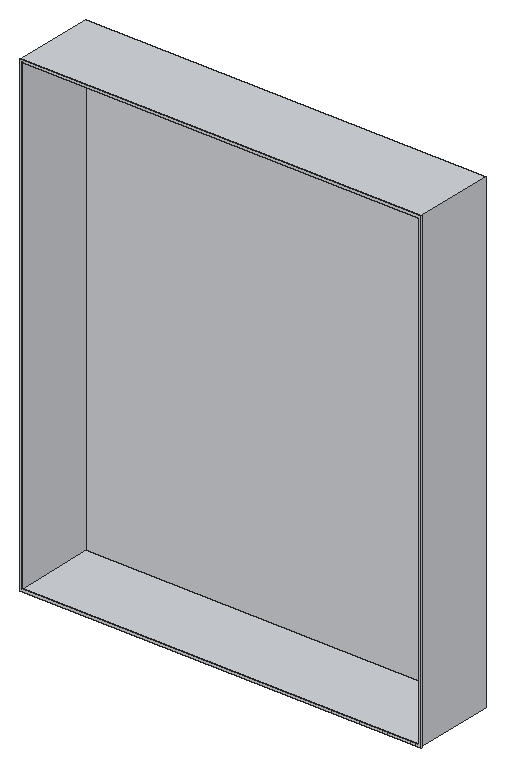
Revit family "Univers-IP30-empty-Recessed_mounted-NoHosted-CH-en", category Electrical Equipment, Revit 2020
Family settings
  Panel Configuration = Two Columns, Circuits Across
  Round Connector Dimension = Use Diameter
  Part Type = Panelboard
  Work Plane-Based = Yes
  Always vertical = Yes
  Cut with Voids When Loaded = No
  Shared = No
  Room Calculation Point = No
Parameters (values of type "Recessed mounted IP30 W800 H950 D161 0 Modular spacings - FWB63D1")
  Width Control [instance] = if([HG000006 - Flush mounted], if([EF000846 - Built-in width] > min_whd, [EF000846 - Built-in width], min_whd), if([EF000008 - Width] > min_whd, ([EF000008 - Width]), min_whd))  # 800 mm
  Void Depth [instance] = if([EF000218 - Built-in depth] > 1 mm, [EF000218 - Built-in depth], 1 mm)  # 161 mm
  Type Comments = [HG000003 - Range]  # "Univers"
  System Height [instance] = Height Control - 2 * [HG000005 - Thickness]  # 944 mm
  Panel Name [instance] = ""  # (empty or 0)
  Offset [instance] = 0 mm
  Model = [HG000004 - Manufacturer reference]  # "FWB63D1"
  Level Offset [instance] = [Flush Mounted - Door Frame Width] + Offset  # 0 mm
  HG000011 - Empty rows from bottom = no
  HG000005 - Thickness = 3 mm  # constant formula
  Description = ""
  Default Elevation = 1219.2 mm
  Arrow Offset [instance] = Depth Control / 8  # 20.125 mm
  Arrow Height [instance] = Depth Control - Arrow Offset  # 140.875 mm
  Host Offset [instance] = if([HG000006 - Flush mounted], 0 mm, [EF000049 - Depth])  # 0 mm
  min_whd [instance] = (2 * [HG000005 - Thickness]) + 1 mm  # 7 mm
  Manufacturer = "Hager"  # constant formula
  Height Control [instance] = if([HG000006 - Flush mounted], if([EF000332 - Built-in height] > min_whd, [EF000332 - Built-in height], min_whd), if([EF000040 - Height] > min_whd, ([EF000040 - Height]), min_whd))  # 950 mm
  HG000010 - Asymmetric doors = no
  HG000009 - Double swing door = no
  HG000008 - Number of empty rows = 0
  HG000007 - Number of empty columns = 0
  HG000006 - Flush mounted = yes
  HG000004 - Manufacturer reference = "FWB63D1"
  HG000003 - Range = "Univers"
  HG000002 - With door or cover = no
  HG000001 - Number of columns = 0
  Flush Mounted - Door Frame Width [instance] = if(([EF000040 - Height] - [EF000332 - Built-in height]) > 0 mm, if([HG000006 - Flush mounted], [EF000040 - Height] - [EF000332 - Built-in height], 0 mm), 0 mm)  # 0 mm
  EF015941 - Signal passing door = no
  EF015777 - Neutral terminal block = no
  EF015776 - Earthing terminal block = no
  EF009212 - Cover model = "EV009916 - With notch"
  EF006306 - With lock = no
  EF006244 - Transparent cover/door = no
  EF005474 - Degree of protection (IP) = "EV006410 - IP30"
  EF004462 - Type of closure = "EV000154 - Other"
  EF002950 - Width in number of modular spacings = 0
  EF001596 - Material housing = "EV000179 - Steel"
  EF001134 - DIN-rail = no
  EF001131 - Internal depth = 160 mm
  EF001088 - Extension possible = no
  EF001062 - EMC-version = no
  EF000846 - Built-in width = 800 mm
  EF000339 - Type of cover = "EV000494 - None"
  EF000332 - Built-in height = 950 mm
  EF000266 - Number of rows = 0
  EF000218 - Built-in depth = 161 mm
  EF000118 - With mounting plate = no
  EF000116 - RAL-number = "9010"
  EF000049 - Depth = 161 mm
  EF000040 - Height = 950 mm
  EF000008 - Width = 800 mm
  EF000007 - Colour = "EV000202 - White"
  EF000003 - Mounting method = "EV001247 - Surface mounted/recessed mounted"
  Door_Right [instance] = yes
  Door_Left [instance] = not(Door_Right)  # no
  Door Swing Angle [instance] = 45.00°
  Door 3d Visibility [instance] = yes
  Depth Control [instance] = if([HG000006 - Flush mounted], if([EF000218 - Built-in depth] > 0 mm, [EF000218 - Built-in depth], 1 mm), if([EF000049 - Depth] > 0 mm, ([EF000049 - Depth]), 1 mm))  # 161 mm
  Clearance Visibility [instance] = no
Types (19, lengths in mm): name | Width Control | System Height | Model | Height Control | HG000004 - Manufacturer reference | EF009212 - Cover model | EF001131 - Internal depth | EF000846 - Built-in width | EF000332 - Built-in height | EF000040 - Height | EF000008 - Width
  Recessed mounted IP30 W1050 H1100 D161 0 Modular spacings - FWB74D1 | 1050 | 1094 | "FWB74D1" | 1100 | "FWB74D1" | "EV009916 - With notch" | 156 | 1050 | 1100 | 1100 | 1050
  Recessed mounted IP30 W1050 H500 D161 0 Modular spacings - FWB34D1 | 1050 | 494 | "FWB34D1" | 500 | "FWB34D1" | "EV009916 - With notch" | 156 | 1050 | 500 | 500 | 1050
  Recessed mounted IP30 W1050 H650 D161 0 Modular spacings - FWB44D1 | 1050 | 644 | "FWB44D1" | 650 | "FWB44D1" | "EV000116 - Closed" | 160 | 1050 | 650 | 650 | 1050
  Recessed mounted IP30 W1050 H800 D161 0 Modular spacings - FWB54D1 | 1050 | 794 | "FWB54D1" | 800 | "FWB54D1" | "EV009916 - With notch" | 160 | 1050 | 800 | 800 | 1050
  Recessed mounted IP30 W1050 H950 D161 0 Modular spacings - FWB64D1 | 1050 | 944 | "FWB64D1" | 950 | "FWB64D1" | "EV009916 - With notch" | 160 | 1050 | 950 | 950 | 1050
  Recessed mounted IP30 W300 H1100 D161 0 Modular spacings - FWB71D1 | 300 | 1094 | "FWB71D1" | 1100 | "FWB71D1" | "EV009916 - With notch" | 156 | 300 | 1100 | 1100 | 300
  Recessed mounted IP30 W300 H500 D161 0 Modular spacings - FWB31D1 | 300 | 494 | "FWB31D1" | 500 | "FWB31D1" | "EV009916 - With notch" | 156 | 300 | 500 | 500 | 300
  Recessed mounted IP30 W300 H650 D161 0 Modular spacings - FWB41D1 | 300 | 644 | "FWB41D1" | 650 | "FWB41D1" | "EV000116 - Closed" | 160 | 300 | 650 | 650 | 300
  Recessed mounted IP30 W300 H800 D161 0 Modular spacings - FWB51D1 | 300 | 794 | "FWB51D1" | 800 | "FWB51D1" | "EV009916 - With notch" | 156 | 300 | 800 | 800 | 300
  Recessed mounted IP30 W300 H950 D161 0 Modular spacings - FWB61D1 | 300 | 944 | "FWB61D1" | 950 | "FWB61D1" | "EV009916 - With notch" | 156 | 300 | 950 | 950 | 300
  Recessed mounted IP30 W550 H1100 D161 0 Modular spacings - FWB72D1 | 550 | 1094 | "FWB72D1" | 1100 | "FWB72D1" | "EV009916 - With notch" | 156 | 550 | 1100 | 1100 | 550
  Recessed mounted IP30 W550 H500 D161 0 Modular spacings - FWB32D1 | 550 | 494 | "FWB32D1" | 500 | "FWB32D1" | "EV009916 - With notch" | 156 | 550 | 500 | 500 | 550
  Recessed mounted IP30 W550 H650 D161 0 Modular spacings - FWB42D1 | 550 | 644 | "FWB42D1" | 650 | "FWB42D1" | "EV000116 - Closed" | 160 | 550 | 650 | 650 | 550
  Recessed mounted IP30 W550 H800 D161 0 Modular spacings - FWB52D1 | 550 | 794 | "FWB52D1" | 800 | "FWB52D1" | "EV009916 - With notch" | 156 | 550 | 800 | 800 | 550
  Recessed mounted IP30 W550 H950 D161 0 Modular spacings - FWB62D1 | 550 | 944 | "FWB62D1" | 950 | "FWB62D1" | "EV009916 - With notch" | 156 | 550 | 950 | 950 | 550
  Recessed mounted IP30 W800 H500 D161 0 Modular spacings - FWB33D1 | 800 | 494 | "FWB33D1" | 500 | "FWB33D1" | "EV000116 - Closed" | 160 | 800 | 500 | 500 | 800
  Recessed mounted IP30 W800 H650 D161 0 Modular spacings - FWB43D1 | 800 | 644 | "FWB43D1" | 650 | "FWB43D1" | "EV000116 - Closed" | 160 | 800 | 650 | 650 | 800
  Recessed mounted IP30 W800 H800 D161 0 Modular spacings - FWB53D1 | 800 | 794 | "FWB53D1" | 800 | "FWB53D1" | "EV000116 - Closed" | 160 | 800 | 800 | 800 | 800
  Recessed mounted IP30 W800 H950 D161 0 Modular spacings - FWB63D1 | 800 | 944 | "FWB63D1" | 950 | "FWB63D1" | "EV009916 - With notch" | 160 | 800 | 950 | 950 | 800
Reference planes
  plane 1 "Center (Front/Back)": y = 0
  plane 2: z = 0
  plane 3 "Center (Left/Right)": x = 0
  plane 4: y = 3
  plane 5: y = 161
  plane 6: y = 0
  plane 7: z = 0
  plane 8: x = -400
  plane 9: x = 400
  plane 10: x = 397
  plane 11: x = -397
  plane 12: z = 0
  plane 13: z = 3
  plane 14: y = 5
  plane 15: y = 0
  plane 16: y = 158
  plane 17: z = 947
  plane 18: z = 950
  plane 19: z = 475
  plane 20: x = 2000
  plane 21: x = 0
  plane 22: y = -2100
  plane 23: y = -100
Forms (mm)
  Extrusion 1, solid
    sketch origin (-208.679, -4572, 0) x (-1, 0, 0) y (0, -1, 0)
      loop
        line (191.321, -4572) -> (-608.679, -4572) -> (-608.679, -4733) -> (191.321, -4733) -> (191.321, -4572)
    from 0 to 950 <- "Height Control"
  Extrusion 2, void
    sketch origin (-350.771, 0, 1219.2) x (1, 0, 0) y (0, 0, 1)
      loop
        line (-46.229, -272.2) -> (-46.229, -1216.2) -> (747.771, -1216.2) -> (747.771, -272.2) -> (-46.229, -272.2)
    from 0 to -158
  Extrusion 3, solid, detail levels coarse
    sketch origin (-350.771, 0, 1219.2) x (-1, 0, 0) y (0, 0, 1)
      loop
        line (46.229, -272.2) -> (-747.771, -272.2) -> (-747.771, -1216.2) -> (46.229, -1216.2) -> (46.229, -272.2)
    from 0 to 3 <- "HG000005 - Thickness"
Cuts and joins
  Extrusion 2 cuts Extrusion 1
Dimensions and locks
  "Flush Mounted - Door Frame Width": plane 1 "Center (Front/Back)" to plane 6
  "HG000005 - Thickness": plane 4 to plane 6
  "HG000005 - Thickness": plane 8 to plane 11
  "HG000005 - Thickness": plane 9 to plane 10
  equal spacing: plane 8, plane 3 "Center (Left/Right)", plane 9
  "Width Control": plane 8 to plane 9
  locked: plane 14 to plane 15 at 5
  "Host Offset": plane 1 "Center (Front/Back)" to plane 15
  "Depth Control": plane 5 to plane 15
  "HG000005 - Thickness": plane 5 to plane 16
  "HG000005 - Thickness": plane 13 to plane 12
  "Level Offset": plane 12 to level
  "HG000005 - Thickness": plane 18 to plane 17
  "Height Control": plane 18 to plane 12
  "Arrow Offset": plane 5 to nested 4
  equal spacing: plane 18, plane 19, plane 12
  locked: connector elem to plane 19
  locked: connector elem to plane 3 "Center (Left/Right)"
  locked: plane 3 "Center (Left/Right)" to plane 20 at 2000
  locked: plane 21 to plane 20 at 2000
  locked: plane 23 to plane 22 at 2000
  aligned and locked: nested 1 to plane 14
  aligned and locked: plane 3 "Center (Left/Right)" to nested 1
  aligned and locked: plane 3 "Center (Left/Right)" to nested 2
  aligned and locked: nested 2 to plane 15
  aligned and locked: Extrusion 1 to plane 5
  aligned and locked: Extrusion 3 sketch curve to plane 17
  aligned and locked: Extrusion 3 sketch curve to plane 11
  aligned and locked: Extrusion 3 sketch curve to plane 13
  aligned and locked: Extrusion 3 sketch curve to plane 10
  aligned and locked: Extrusion 2 sketch curve to plane 13
  aligned and locked: Extrusion 2 sketch curve to plane 10
  aligned and locked: Extrusion 2 sketch curve to plane 17
  aligned and locked: Extrusion 2 sketch curve to plane 11
  aligned and locked: plane 16 to Extrusion 2
  aligned and locked: Extrusion 1 sketch curve to plane 5
  aligned and locked: plane 9 to Extrusion 1 sketch curve
  aligned and locked: plane 8 to Extrusion 1 sketch curve
  aligned and locked: plane 8 to nested 4
  aligned and locked: nested 3 to plane 8
  aligned and locked: nested 3 to plane 5
  aligned and locked: Extrusion 1 sketch curve to plane 15
  aligned and locked: Extrusion 2 to plane 15
Nested families
  nested 1: "Hager_Enclosure_System" at (0, 5, 3), No_Columns <- "HG000001 - Number of columns", Flush_Mounted <- "HG000006 - Flush mounted", Width <- "EF000008 - Width", Height <- "System Height", Width_Control <- "Width Control", Row_Module_Multiplicator <- "EF002950 - Width in number of modular spacings", Empty_Columns <- "HG000007 - Number of empty columns", No_Rows <- "EF000266 - Number of rows", Built-in_Width <- "EF000846 - Built-in width", Border <- "HG000005 - Thickness", Total_No_Empty_Rows <- "HG000008 - Number of empty rows", Depth <- "HG000005 - Thickness", Empty_Rows_From_Bottom <- "HG000011 - Empty rows from bottom", type "Hager_Enclosure_System", detail levels medium+fine
    with Width_Control 800 mm, Width 800 mm, Total_No_Rows 0, Total_No_Empty_Rows 0, Total_No_Columns 1, System_Width 794 mm, Rows_Column 0, Row_Module_Multiplicator 0, Panel_4 no, Panel_3 no, Panel_2 no, Panel_1 no, No_Rows 0, No_Panels_Ctrl 1, No_Columns 0, Hide_Columns yes, Height 944 mm, Flush_Mounted yes, Empty_Rows_From_Bottom no, Empty_Rows_Column 0, Empty_Columns 0, Depth 3 mm, Column_Width 794 mm, Built-in_Width 800 mm, Border 3 mm
  nested 2: "Hager_Enclosure_Door" at (0, 0, 0), Double <- "HG000009 - Double swing door", Height_Ctrl <- "Height Control", Transparent <- "EF006244 - Transparent cover/door", Depth <- "EF000049 - Depth", Height <- "EF000040 - Height", Angle <- "Door Swing Angle", Door_Right <- "Door_Right", Assymetrical <- "HG000010 - Asymmetric doors", Flush_Mounted <- "HG000006 - Flush mounted", BuiltIn_Depth <- "EF000218 - Built-in depth", BuiltIn_Width <- "EF000846 - Built-in width", Door <- "HG000002 - With door or cover", Width_Ctrl <- "Width Control", 3d_Door <- "Door 3d Visibility", Width <- "EF000008 - Width", Border <- "HG000005 - Thickness", BuiltIn_Height <- "EF000332 - Built-in height", Clearance <- "Clearance Visibility", Door_Left <- "Door_Left", type "Hager_Enclosure_Door", detail levels medium+fine
    with min_wh 7 mm, Width_Ctrl 800 mm, Width 800 mm, Transparent no, Leaf_Width 791 mm, Leaf_Tolerance 1.5 mm, Leaf_Height 941 mm, Leaf_2_Width 791 mm, Leaf_2_Offset 395.5 mm, Leaf_1_Width 791 mm, Leaf_1_Offset 395.5 mm, Height_Ctrl 950 mm, Height 950 mm, Frame_Width_Ctrl 1 mm, Frame_Width 0 mm, Frame_Internal_Offset 3 mm, Frame_Height_Ctrl 1 mm, Frame_Height 0 mm, Frame_Depth_Ctrl 1 mm, Frame_Depth 0 mm, Flush_Mounted yes, Double_Clearance_Ctrl no, Double no, Door_Right_Ctrl no, Door_Right yes, Door_Left_Ctrl no, Door_Left no, Door no, Depth 161 mm, Clearance_Depth 791 mm, Clearance_Ctrl no, Clearance no, BuiltIn_Width 800 mm, BuiltIn_Height 950 mm, BuiltIn_Depth 161 mm, Border 3 mm, Assymetrical no, Angle 45.00°, 3d_Door yes
  nested 3: "Hager_Enclosure_Symbol_Triangle" at (-400, 161, 0), Depth <- "Depth Control", Width <- "Width Control", type "Hager_Enclosure_Symbol_Triangle"
    with Width_Ctrl 800 mm, Width 800 mm, Depth_Ctrl 161 mm, Depth 161 mm
  nested 4: "Hager_Enclosure_Symbol_Arrow" at (-400, 140.875, 0), Height <- "Arrow Height", type "Hager_Enclosure_Symbol_Arrow"
    with Width_Inside 10.566 mm, Width 126.788 mm, Height_Ctrl 140.875 mm, Height 140.875 mm
Connectors
  electrical at (0, 161, 475)
    settings: on plane 5, index 1, voltage 0 V, apparent load 0 VA, apparent load phase1 0 VA, apparent load phase2 0 VA, apparent load phase3 0 VA, power factor 1, load classification "Other", number of poles 1, system type 30, power factor state 1, is connector primary yes, connector utility no, sub classification motor no, connector description ""
Definition of nested family "Hager_Enclosure_Door"
  Parameters (values of type "Hager_Enclosure_Door")
    min_wh [instance] = (2 * Border) + 1 mm  # 11 mm
    Width_Ctrl [instance] = 400 mm
    Width [instance] = 500 mm
    Transparent [instance] = yes
    Leaf_Width [instance] = if((Width_Ctrl - 2 * Border - 2 * Leaf_Tolerance) > 0 mm, (Width_Ctrl - 2 * Border - 2 * Leaf_Tolerance), min_wh)  # 387 mm
    Leaf_Tolerance [instance] = 1.5 mm  # constant formula
    Leaf_Height [instance] = if((Height_Ctrl - 2 * Border - 2 * Leaf_Tolerance) > 0 mm, (Height_Ctrl - 2 * Border - 2 * Leaf_Tolerance), min_wh)  # 387 mm
    Leaf_2_Width [instance] = if(and(and(Double, Assymetrical), Door_Left), (Leaf_Width / 3) - (Leaf_Tolerance / 2), if(and(and(Double, Assymetrical), Door_Right), (Leaf_Width / 3) * 2 - (Leaf_Tolerance / 2), if(and(Double, not(Assymetrical)), (Leaf_Width / 2) - Leaf_Tolerance, Leaf_Width)))  # 192 mm
    Leaf_2_Offset [instance] = if(and(Double, Assymetrical), Leaf_2_Width / 2, if(and(Double, not(Assymetrical)), Leaf_Width / 4, Leaf_Width / 2))  # 96.75 mm
    Leaf_1_Width [instance] = if(and(and(Double, Assymetrical), Door_Right), (Leaf_Width / 3) - (Leaf_Tolerance / 2), if(and(and(Double, Assymetrical), Door_Left), (Width / 3) * 2 - (Leaf_Tolerance / 2), if(and(Double, not(Assymetrical)), (Leaf_Width / 2) - Leaf_Tolerance, Leaf_Width)))  # 192 mm
    Leaf_1_Offset [instance] = if(and(Double, Assymetrical), Leaf_1_Width / 2, if(and(Double, not(Assymetrical)), Leaf_Width / 4, Leaf_Width / 2))  # 96.75 mm
    Height_Ctrl [instance] = 400 mm
    Height [instance] = 500 mm
    Frame_Width_Ctrl [instance] = if(Frame_Width > 0 mm, Frame_Width, 1 mm)  # 1 mm
    Frame_Width [instance] = Width - BuiltIn_Width  # 0 mm
    Frame_Internal_Offset [instance] = if(Flush_Mounted, Border, 0 mm)  # 0 mm
    Frame_Height_Ctrl [instance] = if(Frame_Height > 0 mm, Frame_Height, 1 mm)  # 1 mm
    Frame_Height [instance] = Height - BuiltIn_Height  # 0 mm
    Frame_Depth_Ctrl [instance] = if(Frame_Depth > 0 mm, Frame_Depth, 1 mm)  # 1 mm
    Frame_Depth [instance] = if(Depth - BuiltIn_Depth > 0 mm, if(Flush_Mounted, Depth - BuiltIn_Depth, 0 mm), 0 mm)  # 0 mm
    Flush_Mounted [instance] = no
    Double_Clearance_Ctrl [instance] = and(Double, Clearance)  # yes
    Double [instance] = yes
    Door_Right_Ctrl [instance] = and(or(Door_Right, Double), Door)  # yes
    Door_Right [instance] = yes
    Door_Left_Ctrl [instance] = and(or(Door_Left, Double), Door)  # yes
    Door_Left [instance] = no
    Door [instance] = yes
    Depth [instance] = 500 mm
    Default Elevation = 1219.2 mm
    Clearance_Material = none
    Clearance_Depth [instance] = if(Leaf_1_Width > Leaf_2_Width, Leaf_1_Width, Leaf_2_Width)  # 192 mm
    Clearance_Ctrl [instance] = and(not(Double), Clearance)  # no
    Clearance [instance] = yes
    BuiltIn_Width [instance] = 500 mm
    BuiltIn_Height [instance] = 500 mm
    BuiltIn_Depth [instance] = 500 mm
    Border [instance] = 5 mm
    Assymetrical [instance] = no
    Angle [instance] = 65.00°
    3d_Door [instance] = yes
  Reference planes
    plane 1 "Center (Front/Back)": y = 0
    plane 2 "Bottom": z = 0
    plane 3 "Center (Left/Right)": x = 0
    plane 4: z = 400
    plane 5: x = -200
    plane 6: x = 200
    plane 7: z = 395
    plane 8: x = -195
    plane 9: z = 5
    plane 10: x = 195
    plane 11: y = 0
    plane 12: z = 6.5
    plane 13: x = -387
    plane 14: y = -192
    plane 15: x = 387
    plane 16: x = -96.75
    plane 17: x = 96.75
    plane 18: x = -193.5
    plane 19: x = 193.5
    plane 20: z = 393.5
  Forms (mm)
    Extrusion 1, solid, visible <- "Flush_Mounted"
      sketch origin (0, 0, 0) x (1, 0, 0) y (0, 0, 1)
        loop
          line (200, 0) -> (200, 400) -> (-200, 400) -> (-200, 0) -> (200, 0)
        loop
          line (-201, 401) -> (-201, -1) -> (201, -1) -> (201, 401) -> (-201, 401)
      from 0 to 1 <- "Frame_Depth_Ctrl"
    Extrusion 2, solid, material <- "Clearance_Material", visible <- "Double_Clearance_Ctrl"
      sketch origin (1200, 0, 0) x (1, 0, 0) y (0, 0, -1)
        loop
          line (-1587, -393.5) -> (-813, -393.5) -> (-813, 0) -> (-1587, 0) -> (-1587, -393.5)
      from 0 to -192
  Dimensions and locks
    equal spacing: plane 5, plane 3 "Center (Left/Right)", plane 6
    "Width_Ctrl": plane 5 to plane 6
    "Border": plane 5 to plane 8
    "Border": plane 6 to plane 10
    "Border": plane 9 to level
    "Border": plane 4 to plane 7
    "Height_Ctrl": plane 4 to level
    "Leaf_Tolerance": plane 12 to plane 9
    "Frame_Depth": plane 11 to plane 1 "Center (Front/Back)"
    "Frame_Width_Ctrl": plane 5 to Extrusion 1 sketch curve
    "Frame_Width_Ctrl": plane 6 to Extrusion 1 sketch curve
    "Frame_Width_Ctrl": Extrusion 1 sketch curve to plane 4
    "Frame_Width_Ctrl": plane 2 "Bottom" to Extrusion 1 sketch curve
    "Leaf_1_Offset": plane 18 to plane 16
    "Leaf_2_Offset": plane 17 to plane 19
    "Leaf_1_Width": plane 13 to plane 8
    "Leaf_2_Width": plane 10 to plane 15
    "Clearance_Depth": plane 14 to plane 1 "Center (Front/Back)"
    "Leaf_Tolerance": plane 8 to plane 18
    "Leaf_Tolerance": plane 19 to plane 10
    "Leaf_Tolerance": plane 7 to plane 20
    "Frame_Internal_Offset": plane 5 to Extrusion 1 sketch curve
    "Frame_Internal_Offset": Extrusion 1 sketch curve to plane 2 "Bottom"
    "Frame_Internal_Offset": plane 6 to Extrusion 1 sketch curve
    "Frame_Internal_Offset": plane 4 to Extrusion 1 sketch curve
    aligned and locked: level to plane 2 "Bottom"
    aligned and locked: nested 1 to plane 16
    aligned and locked: nested 2 to plane 17
    aligned and locked: Extrusion 2 to plane 13
    aligned and locked: plane 15 to Extrusion 2
    aligned and locked: Extrusion 2 to plane 14
    aligned and locked: plane 12 to nested 1
    aligned and locked: nested 2 to plane 12
    aligned and locked: Extrusion 2 to plane 11
    aligned and locked: plane 20 to Extrusion 2
    aligned and locked: nested 2 to plane 11
    aligned and locked: nested 1 to plane 11
  Automatic sketch dimensions
    Extrusion 2 sketch curve to level = 0 mm
    plane 5 to Extrusion 2 sketch curve = 187 mm
    plane 6 to Extrusion 2 sketch curve = 187 mm
    Extrusion 2 sketch curve to plane 4 = 6.5 mm
  Nested families
    nested 1: "Hager_Enclosure_Door_Leaf" at (-96.75, 0, 6.5), Width <- "Leaf_1_Width", visible <- "Door_Left_Ctrl", Leaf_Height <- "Leaf_Height", Angle <- "Angle", Depth <- "Border", 3d_Door <- "3d_Door", Transparent <- "Transparent", Clearance Material <- "Clearance_Material", Clearance <- "Clearance_Ctrl", type "Hager_Enclosure_Door_Leaf"
      with Width 192 mm, Transparent_Door_Border 25 mm, Transparent_Ctrl yes, Transparent yes, Standard no, Leaf_Height 387 mm, Glass_Offset 1 mm, Depth 5 mm, Clearance Material none, Clearance no, Angle_Ctrl 65.00°, Angle 65.00°, 3d_Door yes
    nested 2: "Hager_Enclosure_Door_Leaf" at (96.75, 0, 6.5) x (-1, 0, 0) z (0, 0, 1), Width <- "Leaf_2_Width", visible <- "Door_Right_Ctrl", Leaf_Height <- "Leaf_Height", Angle <- "Angle", Depth <- "Border", 3d_Door <- "3d_Door", Transparent <- "Transparent", Clearance Material <- "Clearance_Material", Clearance <- "Clearance_Ctrl", type "Hager_Enclosure_Door_Leaf"
      with Width 192 mm, Transparent_Door_Border 25 mm, Transparent_Ctrl yes, Transparent yes, Standard no, Leaf_Height 387 mm, Glass_Offset 1 mm, Depth 5 mm, Clearance Material none, Clearance no, Angle_Ctrl 65.00°, Angle 65.00°, 3d_Door yes
  Definition of nested family "Hager_Enclosure_Door_Leaf"
    Parameters (values of type "Hager_Enclosure_Door_Leaf")
      Width [instance] = 200 mm
      Transparent_Door_Border [instance] = 25 mm  # constant formula
      Transparent_Ctrl [instance] = and(Transparent, [3d_Door])  # yes
      Transparent [instance] = yes
      Standard [instance] = and(not(Transparent), [3d_Door])  # no
      Leaf_Height [instance] = 500 mm
      Glass_Offset [instance] = if((Depth - 10 mm) / 2 > 0 mm, (Depth - 10 mm) / 2, 1 mm)  # 1 mm
      Glass_Material = none
      Depth [instance] = 3 mm
      Default Elevation = 0 mm
      Clearance Material [instance] = none
      Clearance [instance] = no
      Angle_Ctrl [instance] = if(Angle > 170.00°, 170.00°, Angle)  # 163.00°
      Angle [instance] = 163.00°
      3d_Door [instance] = yes
    Reference planes
      plane 1 "Center (Front/Back)": y = 0
      plane 2: z = 0
      plane 3 "Center (Left/Right)": x = 0
      plane 4: y = 200
      plane 5: x = -100
      plane 6: x = 100
      plane 7: x = -300
      plane 8: z = 500
      plane 9: z = 25
      plane 10: z = 475
      plane 11: x = 75
      plane 12: x = -75
    Forms (mm)
      Extrusion 1, solid, material <- "Clearance Material", visible <- "Clearance"
        sketch origin (0, 0, 0) x (1, 0, 0) y (0, 0, 1)
          loop
            line (-300, 500) -> (-300, 0) -> (100, 0) -> (100, 500) -> (-300, 500)
        from 0 to -200
      Extrusion 2, solid, visible <- "Standard", detail levels fine
        sketch origin (-100, 0, 0) x (-0.956305, 0.292372, 0) y (-0.292372, -0.956305, 0)
          loop
            line (0, -3) -> (200, -3) -> (200, 0) -> (0, 0) -> (0, -3)
        from 0 to 500 <- "Leaf_Height"
      Extrusion 3, solid, visible <- "Transparent_Ctrl", detail levels fine
        sketch origin (-100, 0, 0) x (-0.956305, 0.292372, 0) y (-0.292372, -0.956305, 0)
          loop
            line (0, -3) -> (200, -3) -> (200, 0) -> (0, 0) -> (0, -3)
        from 0 to 500 <- "Leaf_Height"
      Extrusion 4, void, detail levels fine
        sketch origin (-100, 0, 0) x (-0.292372, -0.956305, 0) y (-0.956305, 0.292372, 0)
          loop
            line (0, 25) -> (0, 175) -> (-3, 175) -> (-3, 25) -> (0, 25)
        from -475 to -25
      Extrusion 5, solid, material <- "Glass_Material", visible <- "Transparent_Ctrl", detail levels fine
        sketch origin (-100, 0, 0) x (-0.956305, 0.292372, 0) y (-0.292372, -0.956305, 0)
          loop
            line (25, -1) -> (25, -2) -> (175, -2) -> (175, -1) -> (25, -1)
        from 25 to 475
    Cuts and joins
      Extrusion 4 cuts Extrusion 3
    Lines and regions (mm)
      symbolic lines
        curve 1: line (100, 0, 0) -> (-300, 0, 0)
        curve 2: arc (100, 0, 0) -> (-100, 200, 0) -> (-300, 0, 0) r 200
        curve 4: line (-100, 0, 0) -> (-291.261, 58.474, 0)
      reference lines
        curve 3: line (-100, 0, 0) -> (-291.261, 58.474, 0)
      symbolic lines, detail levels medium+fine
        curve 5: line (-291.261, 58.474, 0) -> (-290.384, 61.343, 0)
        curve 6: line (-290.384, 61.343, 0) -> (-99.123, 2.869, 0)
        curve 7: line (-99.123, 2.869, 0) -> (-100, 0, 0)
      symbolic lines, detail levels fine
        curve 8: line (-100, 0, 500) -> (100, 0, 500)
        curve 9: line (-100, 0, 0) -> (-100, 0, 500)
        curve 10: line (100, 0, 0) -> (-100, 0, 0)
        curve 11: line (100, 0, 500) -> (100, 0, 0)
      symbolic lines, visible <- "Transparent_Ctrl", detail levels fine
        curve 12: line (-75, 0, 475) -> (75, 0, 475)
        curve 13: line (-75, 0, 25) -> (-75, 0, 475)
        curve 14: line (75, 0, 25) -> (-75, 0, 25)
        curve 15: line (75, 0, 475) -> (75, 0, 25)
    Dimensions and locks
      "Width": plane 1 "Center (Front/Back)" to plane 4
      equal spacing: plane 5, plane 3 "Center (Left/Right)", plane 6
      "Width": plane 5 to plane 6
      "Width": plane 7 to plane 5
      "Leaf_Height": plane 8 to level
      "Depth": curve 6 to curve 3
      "Width": curve 5 to curve 3
      "Width": curve 3 to curve 3
      "Transparent_Door_Border": Extrusion 4 sketch curve to curve 7
      "Transparent_Door_Border": Extrusion 4 sketch curve to curve 5
      "Transparent_Door_Border": plane 8 to plane 10
      "Transparent_Door_Border": plane 9 to level
      "Glass_Offset": Extrusion 5 sketch curve to curve 4
      "Glass_Offset": Extrusion 5 sketch curve to curve 6
      "Transparent_Door_Border": Extrusion 5 sketch curve to curve 5
      "Transparent_Door_Border": Extrusion 5 sketch curve to curve 7
      "Transparent_Door_Border": plane 12 to plane 5
      "Transparent_Door_Border": plane 6 to plane 11
      "Angle_Ctrl": angle plane 1 "Center (Front/Back)" to curve 3
      aligned and locked: level to plane 2
      aligned and locked: Extrusion 1 to curve 1
      aligned and locked: plane 6 to Extrusion 1
      aligned and locked: plane 1 "Center (Front/Back)" to Extrusion 1
      aligned and locked: plane 4 to Extrusion 1
      aligned and locked: plane 8 to Extrusion 1
      aligned and locked: curve 4 to curve 3
      aligned and locked: Extrusion 2 sketch curve to curve 7
      aligned and locked: Extrusion 2 sketch curve to curve 6
      aligned and locked: Extrusion 2 sketch curve to curve 5
      aligned and locked: Extrusion 2 sketch curve to curve 3
      aligned and locked: curve 7 to Extrusion 3 sketch curve
      aligned and locked: Extrusion 3 sketch curve to curve 4
      aligned and locked: Extrusion 3 sketch curve to curve 6
      aligned and locked: Extrusion 3 sketch curve to curve 5
      aligned and locked: curve 4 to Extrusion 4 sketch curve
      aligned and locked: curve 6 to Extrusion 4 sketch curve
      aligned and locked: Extrusion 4 to plane 9
      aligned and locked: Extrusion 4 to plane 10
      aligned and locked: Extrusion 5 to plane 9
      aligned and locked: Extrusion 5 to plane 10
      aligned and locked: curve 8 to plane 8
      aligned and locked: plane 5 to curve 9
      aligned and locked: plane 2 to curve 10
      aligned and locked: curve 11 to plane 6
      aligned and locked: plane 10 to curve 12
      aligned and locked: plane 12 to curve 13
      aligned and locked: plane 9 to curve 14
      aligned and locked: plane 11 to curve 15
    Automatic sketch dimensions
      plane 1 "Center (Front/Back)" to curve 2 = 0 mm
      curve 2 to plane 5 = 0 mm
      Extrusion 1 sketch curve to level = 0 mm
      Extrusion 1 sketch curve to plane 7 = 0 mm
      Extrusion 1 sketch curve to plane 6 = 0 mm
      Extrusion 1 sketch curve to plane 8 = 0 mm
      plane 1 "Center (Front/Back)" to curve 3 = 0 mm
      curve 3 to plane 5 = 0 mm
      curve 7 to curve 3 = 0 mm
Definition of nested family "Hager_Enclosure_Symbol_Triangle"
  Parameters (values of type "Hager_Enclosure_Symbol_Triangle")
    Width_Ctrl [instance] = if(Width > 1 mm, Width, 1 mm)  # 498 mm
    Width [instance] = 498 mm
    Depth_Ctrl [instance] = if(Depth > 1 mm, Depth, 1 mm)  # 72 mm
    Depth [instance] = 72 mm
  Reference planes
    plane 1 "Centre (avant/arrière)": y = 0
    plane 2: z = 0
    plane 3 "Centre (gauche/droite)": x = 0
  Lines and regions (mm)
    Filled region 1, type "Solid_Black", in view "Niveau de réf."
      outline origin (0, 0, 0) x (1, 0, 0) y (0, 1, 0)
        loop
          line (0, 0) -> (498, 0) -> (498, 72) -> (0, 0)
    reference lines, in view "Niveau de réf."
      curve 1: line (-206.153, 72, 0) -> (1083.258, 72, 0)
      curve 2: line (498, 405.456, 0) -> (498, -517.619, 0)
  Dimensions and locks
    "Depth_Ctrl": plane 1 "Centre (avant/arrière)" to curve 1
    "Width_Ctrl": plane 3 "Centre (gauche/droite)" to curve 2
    aligned and locked: curve 1 to Filled region 1 sketch curve
    aligned and locked: Filled region 1 sketch curve to plane 1 "Centre (avant/arrière)"
    aligned and locked: curve 2 to Filled region 1 sketch curve
    aligned and locked: plane 3 "Centre (gauche/droite)" to Filled region 1 sketch curve
    aligned and locked: plane 1 "Centre (avant/arrière)" to Filled region 1 sketch curve
  Automatic sketch dimensions
    curve 1 to plane 3 "Centre (gauche/droite)" = 206.153 mm
    curve 2 to curve 1 = 585.258 mm
    plane 1 "Centre (avant/arrière)" to curve 2 = 517.619 mm
    curve 2 to plane 1 "Centre (avant/arrière)" = 405.456 mm
Definition of nested family "Hager_Enclosure_Symbol_Arrow"
  Parameters (values of type "Hager_Enclosure_Symbol_Arrow")
    Width_Inside [instance] = if(Width / 12 > 2 mm, Width / 12, 2 mm)  # 4.987 mm
    Width [instance] = if(Height_Ctrl * 0.9 > 2 mm, Height_Ctrl * 0.9, 2 mm)  # 59.85 mm
    Height_Ctrl [instance] = if(Height > 2 mm, Height, 2 mm)  # 66.5 mm
    Height [instance] = 66.5 mm
  Reference planes
    plane 1 "Centre (avant/arrière)": y = 0
    plane 2: z = 0
    plane 3 "Centre (gauche/droite)": x = 0
    plane 4: x = 59.85
    plane 5: y = 28.263
    plane 6: y = 38.238
    plane 7: y = 66.5
    plane 8: x = 29.925
    plane 9: y = 33.25
  Lines and regions (mm)
    Filled region 1, type "Solid_Black", in view "Niveau de réf."
      outline origin (0, 0, 0) x (1, 0, 0) y (0, 1, 0)
        loop
          line (59.85, 66.5) -> (37.929, 52.827) -> (51.846, 41.935) -> (59.85, 66.5)
    detail lines, in view "Niveau de réf."
      curve 1: line (0, 0, 0) -> (29.925, 38.238, 0)
      curve 2: line (29.925, 38.238, 0) -> (29.925, 28.263, 0)
      curve 3: line (29.925, 28.263, 0) -> (59.85, 66.5, 0)
  Dimensions and locks
    "Width": plane 3 "Centre (gauche/droite)" to plane 4
    "Height_Ctrl": plane 7 to plane 1 "Centre (avant/arrière)"
    equal spacing: plane 3 "Centre (gauche/droite)", plane 8, plane 4
    equal spacing: plane 7, plane 9, plane 1 "Centre (avant/arrière)"
    equal spacing: plane 6, plane 9, plane 5
    "Width_Inside": plane 6 to plane 9
    equal spacing: curve 3, Filled region 1 sketch curve, Filled region 1 sketch curve
    angle Filled region 1 sketch curve to curve 3 = 20.00°
    angle curve 3 to Filled region 1 sketch curve = 20.00°
    locked: curve 3 to Filled region 1 sketch curve (angle 90.00°)
  Automatic sketch dimensions
    plane 1 "Centre (avant/arrière)" to curve 1 = 0 mm
    curve 1 to plane 3 "Centre (gauche/droite)" = 0 mm
    curve 2 to plane 6 = 0 mm
    curve 3 to plane 8 = 0 mm
    curve 3 to plane 4 = 0 mm
    curve 2 to plane 5 = 0 mm
    curve 3 to plane 7 = 0 mm
    Filled region 1 sketch curve to plane 4 = 0 mm
    Filled region 1 sketch curve to plane 7 = 0 mm
